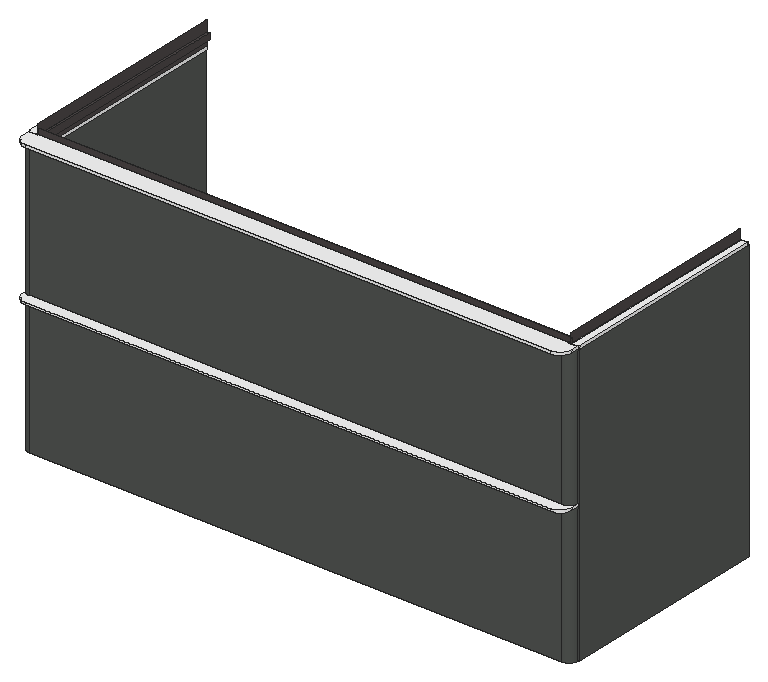
Revit family "vanity unit with 2 drawers", category Furniture, Revit 2019 (continued)
Definition of nested family "vanity unit 480_475 with 2 drawers for handrinse basin-54021700-natural oak-matt_white-400_content"
  Parameters (values of type "Vanity unit 480_475 with 2 drawers for handrinse basin-54021700-Natural Oak-MATT_WHITE-400_Content")
    Manufacturer = "Hansgrohe"
    MASTERFORMAT = "12 35 30.23 | Bathroom Casework"
    LODLEVEL = "400"
    LINA = "Vanity unit 480/475 with 2 drawers for handrinse basin-54021700-Natural Oak-MATT_WHITE-400"
    L = 480
    IFC = "Furnishing element"
    GTINCODE = "4059625455227"
    ETIM = "EC011381 | Bathroom furniture set"
    Default Elevation = 1219.2 mm
    DESIGN = "Germany"
    ContentVisible [instance] = yes
    CATALOG = "Hansgrohe"
    BIMOBJECT = "Sanitary: Compound units"
    BASENUMBER = "Vanity unit 480/475 with 2 drawers for handrinse basin"
    ARTNR = "54021700"
  Reference planes
    plane 1 "Center (Front/Back)": y = 0
    plane 2: z = 0
    plane 3 "Center (Left/Right)": x = 0
  Forms (mm)
    Extrusion 1, solid, visible <- "ContentVisible", detail levels medium+fine
      sketch origin (0, 0, 0) x (1, 0, 0) y (0, 1, 0)
        loop
          line (-240, 0) -> (-240, -452)
          arc (-240, -452) -> (-239.121, -454.121) -> (-237, -455) r 3
          line (-237, -455) -> (-224, -455) -> (-224, 0) -> (-240, 0)
      from 0 to 600
    Extrusion 2, solid, visible <- "ContentVisible", detail levels medium+fine
      sketch origin (0, 0, 2) x (1, 0, 0) y (0, 1, 0)
        loop
          line (-224, -88) -> (-224, -455) -> (224, -455) -> (224, -88) -> (-224, -88)
      from 0 to 16
    Extrusion 3, solid, visible <- "ContentVisible", detail levels medium+fine
      sketch origin (0, 0, 0) x (1, 0, 0) y (0, 1, 0)
        loop
          line (224, 0) -> (224, -455) -> (237, -455)
          arc (237, -455) -> (239.121, -454.121) -> (240, -452) r 3
          line (240, -452) -> (240, 0) -> (224, 0)
      from 0 to 600
    Extrusion 4, solid, visible <- "ContentVisible", detail levels medium+fine
      sketch origin (0, 0, 2) x (1, 0, 0) y (0, 1, 0)
        loop
          line (-224, -72) -> (-224, -88) -> (224, -88) -> (224, -72) -> (-224, -72)
      from 0 to 126
    Extrusion 5, solid, visible <- "ContentVisible", detail levels medium+fine
      sketch origin (0, 0, 2) x (1, 0, 0) y (0, 1, 0)
        loop
          arc (-240, -457) -> (-234.435, -470.435) -> (-221, -476) r 19
          line (-221, -476) -> (221, -476)
          arc (221, -476) -> (234.435, -470.435) -> (240, -457) r 19
          line (240, -457) -> (240, -455) -> (-240, -455) -> (-240, -457)
      from 0 to 295
    Extrusion 6, solid, visible <- "ContentVisible", detail levels medium+fine
      sketch origin (0, 0, 305) x (1, 0, 0) y (0, 1, 0)
        loop
          arc (-240, -457) -> (-234.435, -470.435) -> (-221, -476) r 19
          line (-221, -476) -> (221, -476)
          arc (221, -476) -> (234.435, -470.435) -> (240, -457) r 19
          line (240, -457) -> (240, -455) -> (-240, -455) -> (-240, -457)
      from 0 to 295
    Extrusion 7, solid, visible <- "ContentVisible", detail levels medium+fine
      sketch origin (0, 0, 297) x (1, 0, 0) y (0, 1, 0)
        loop
          line (-238.5, -455) -> (-238.5, -471)
          arc (-238.5, -471) -> (-231.178, -488.678) -> (-213.5, -496) r 25
          line (-213.5, -496) -> (213.5, -496)
          arc (213.5, -496) -> (231.178, -488.678) -> (238.5, -471) r 25
          line (238.5, -471) -> (238.5, -455) -> (218.5, -455) -> (218.5, -453.5) -> (-218.5, -453.5) -> (-218.5, -455) -> (-238.5, -455)
      from 0 to 5
    Extrusion 8, solid, visible <- "ContentVisible", detail levels medium+fine
      sketch origin (0, 0, 0) x (0, 0, -1) y (0, 1, 0)
        loop
          line (-297, -453.5) -> (-297, -455) -> (-267, -455) -> (-267, -453.5) -> (-297, -453.5)
      from -218.5 to 218.5
    Extrusion 9, solid, visible <- "ContentVisible", detail levels medium+fine
      sketch origin (0, 0, 600) x (1, 0, 0) y (0, 1, 0)
        loop
          line (-238.5, -455) -> (-238.5, -471)
          arc (-238.5, -471) -> (-231.178, -488.678) -> (-213.5, -496) r 25
          line (-213.5, -496) -> (213.5, -496)
          arc (213.5, -496) -> (231.178, -488.678) -> (238.5, -471) r 25
          line (238.5, -471) -> (238.5, -455) -> (218.5, -455) -> (218.5, -453.5) -> (-218.5, -453.5) -> (-218.5, -455) -> (-238.5, -455)
      from 0 to 5
    Extrusion 10, solid, visible <- "ContentVisible", detail levels medium+fine
      sketch origin (0, 0, 0) x (0, 0, -1) y (0, 1, 0)
        loop
          line (-600, -453.5) -> (-600, -455) -> (-570, -455) -> (-570, -453.5) -> (-600, -453.5)
      from -218.5 to 218.5
    Extrusion 11, solid, visible <- "ContentVisible", detail levels medium+fine
      sketch origin (0, 0, 0) x (1, 0, 0) y (0, 0, -1)
        loop
          line (-224, -566.8) -> (-224, -605) -> (-222.5, -605) -> (-222.5, -566.8) -> (-224, -566.8)
      from -455 to 0
    Extrusion 12, solid, visible <- "ContentVisible", detail levels medium+fine
      sketch origin (0, 0, 0) x (1, 0, 0) y (0, 0, -1)
        loop
          line (222.5, -566.8) -> (222.5, -605) -> (224, -605) -> (224, -566.8) -> (222.5, -566.8)
      from -455 to 0
    Extrusion 13, solid, visible <- "ContentVisible", detail levels medium+fine
      sketch origin (0, 0, 600) x (1, 0, 0) y (0, 1, 0)
        loop
          line (-240, -3) -> (-240, -452)
          arc (-240, -452) -> (-239.121, -454.121) -> (-237, -455) r 3
          line (-237, -455) -> (-224, -455) -> (-224, 0) -> (-237, 0)
          arc (-237, 0) -> (-239.121, -0.879) -> (-240, -3) r 3
      from 0 to 5
    Extrusion 14, solid, visible <- "ContentVisible", detail levels medium+fine
      sketch origin (0, 0, 600) x (1, 0, 0) y (0, 1, 0)
        loop
          line (224, 0) -> (224, -455) -> (237, -455)
          arc (237, -455) -> (239.121, -454.121) -> (240, -452) r 3
          line (240, -452) -> (240, -3)
          arc (240, -3) -> (239.121, -0.879) -> (237, 0) r 3
          line (237, 0) -> (224, 0)
      from 0 to 5
    Extrusion 15, solid, visible <- "ContentVisible", detail levels medium+fine
      sketch origin (0, 0, 0) x (1, 0, 0) y (0, 0, -1)
        loop
          line (-222.5, -575.3) -> (-222.5, -624.5) -> (-221, -624.5) -> (-221, -602.8) -> (-216.4, -602.8) -> (-216.4, -588.3) -> (-221, -588.3) -> (-221, -575.3) -> (-222.5, -575.3)
      from -453.5 to 0
    Extrusion 16, solid, visible <- "ContentVisible", detail levels medium+fine
      sketch origin (0, 0, 0) x (1, 0, 0) y (0, 0, -1)
        loop
          line (216.4, -588.3) -> (216.4, -602.8) -> (221, -602.8) -> (221, -624.5) -> (222.5, -624.5) -> (222.5, -575.3) -> (221, -575.3) -> (221, -588.3) -> (216.4, -588.3)
      from -453.5 to 0
    Extrusion 17, solid, visible <- "ContentVisible", detail levels medium+fine
      sketch origin (0, 0, 0) x (0, 0, -1) y (0, 1, 0)
        loop
          line (-616, -453.5) -> (-567, -453.5) -> (-567, -452) -> (-588.5, -452) -> (-588.5, -447.4) -> (-603, -447.4) -> (-603, -452) -> (-616, -452) -> (-616, -453.5)
      from -222.5 to 222.5
    Extrusion 18, solid, visible <- "ContentVisible", detail levels coarse
      sketch origin (0, -248, 0) x (1, 0, 0) y (0, 1, 0)
        loop
          line (-240, -248) -> (240, -248) -> (240, 248) -> (-240, 248) -> (-240, -248)
      from 0 to 624.5
  Dimensions and locks
    aligned and locked: level to plane 2
Definition of nested family "vanity unit 480_475 with 2 drawers for handrinse basin-54022000-dark walnut-chrome-200_content"
  Parameters (values of type "Vanity unit 480_475 with 2 drawers for handrinse basin-54022000-Dark Walnut-CHROME-200_Content")
    etim7_EC011381 = "EC011381"
    WEIGHT = "25.3"
    UNSPSC = "56 | Furniture and Furnishings"
    UNIFORMATII = "E2010 | Fixed Furnishings"
    UNICLASS_2015_CODE = "40_30_78_05"
    UNICLASS2015 = "Pr_40_30_78_05 | Bathroom furniture"
    SURFACE = "CHROME"
    REGIONSET = "Worldwide"
    PRODUCTURL = "https://pro.hansgrohe.com/articledetail--54022000"
    PRODUCTGROUP = "vanity unit"
    PRODUCTFAMILY = "Xelu Q"
    PERMALINK = "54022XXX"
    OMNICLASS = "23-21 19 15 33 13 | Residential Bathroom Specialty Casework"
    OBJECTTYPE = "Object (single object)"
    OBERFLAECHE = "Dark Walnut"
    NN = "Vanity Unit with 2 Drawers"
    NBSYN = "$BASENUMBER.-$ARTNR.-$OBERFLAECHE.-$SURFACE.-$LODLEVEL."
    NB = "Vanity unit 480/475 with 2 drawers for handrinse basin-54022000-Dark Walnut-CHROME-200"
    NAME = "Xelu Q Vanity unit Dark Walnut 480/475 with 2 drawers for handrinse basin"
    Model = "Vanity unit 480/475 with 2 drawers for handrinse basin-54022000-Dark Walnut-CHROME-200"
    Manufacturer = "Hansgrohe"
    MASTERFORMAT = "12 35 30.23 | Bathroom Casework"
    LODLEVEL = "200"
    LINA = "Vanity unit 480/475 with 2 drawers for handrinse basin-54022000-Dark Walnut-CHROME-200"
    L = 480
    IFC = "Furnishing element"
    GTINCODE = "4059625455197"
    ETIM = "EC011381 | Bathroom furniture set"
    Default Elevation = 1219.2 mm
    DESIGN = "Germany"
    ContentVisible [instance] = yes
    CATALOG = "Hansgrohe"
    BIMOBJECT = "Sanitary: Compound units"
    BASENUMBER = "Vanity unit 480/475 with 2 drawers for handrinse basin"
    ARTNR = "54022000"
  Reference planes
    plane 1 "Center (Front/Back)": y = 0
    plane 2: z = 0
    plane 3 "Center (Left/Right)": x = 0
  Forms (mm)
    Extrusion 1, solid, visible <- "ContentVisible", detail levels medium+fine
      sketch origin (0, 0, 0) x (1, 0, 0) y (0, 1, 0)
        loop
          line (-240, 0) -> (-240, -476) -> (240, -476) -> (240, 0) -> (224, 0) -> (224, -72) -> (-224, -72) -> (-224, 0) -> (-240, 0)
      from 0 to 600
    Extrusion 2, solid, visible <- "ContentVisible", detail levels medium+fine
      sketch origin (0, 0, 297) x (1, 0, 0) y (0, 1, 0)
        loop
          line (-238.5, -453.5) -> (-238.5, -496) -> (238.5, -496) -> (238.5, -453.5) -> (-238.5, -453.5)
      from 0 to 5
    Extrusion 3, solid, visible <- "ContentVisible", detail levels medium+fine
      sketch origin (0, 0, 600) x (1, 0, 0) y (0, 1, 0)
        loop
          line (-238.5, -453.5) -> (-238.5, -496) -> (238.5, -496) -> (238.5, -453.5) -> (-238.5, -453.5)
      from 0 to 5
    Extrusion 4, solid, visible <- "ContentVisible", detail levels medium+fine
      sketch origin (0, 0, 0) x (1, 0, 0) y (0, 0, -1)
        loop
          line (-224, -566.8) -> (-224, -605) -> (-222.5, -605) -> (-222.5, -566.8) -> (-224, -566.8)
      from -455 to 0
    Extrusion 5, solid, visible <- "ContentVisible", detail levels medium+fine
      sketch origin (0, 0, 0) x (1, 0, 0) y (0, 0, -1)
        loop
          line (222.5, -566.8) -> (222.5, -605) -> (224, -605) -> (224, -566.8) -> (222.5, -566.8)
      from -455 to 0
    Extrusion 6, solid, visible <- "ContentVisible", detail levels medium+fine
      sketch origin (0, 0, 600) x (1, 0, 0) y (0, 1, 0)
        loop
          line (-240, 0) -> (-240, -455) -> (-224, -455) -> (-224, 0) -> (-240, 0)
      from 0 to 5
    Extrusion 7, solid, visible <- "ContentVisible", detail levels medium+fine
      sketch origin (0, 0, 600) x (1, 0, 0) y (0, 1, 0)
        loop
          line (224, 0) -> (224, -455) -> (240, -455) -> (240, 0) -> (224, 0)
      from 0 to 5
    Extrusion 8, solid, visible <- "ContentVisible", detail levels medium+fine
      sketch origin (0, 0, 0) x (1, 0, 0) y (0, 0, -1)
        loop
          line (-222.5, -575.3) -> (-222.5, -624.5) -> (-216.4, -624.5) -> (-216.4, -575.3) -> (-222.5, -575.3)
      from -453.5 to 0
    Extrusion 9, solid, visible <- "ContentVisible", detail levels medium+fine
      sketch origin (0, 0, 0) x (1, 0, 0) y (0, 0, -1)
        loop
          line (216.4, -575.3) -> (216.4, -624.5) -> (222.5, -624.5) -> (222.5, -575.3) -> (216.4, -575.3)
      from -453.5 to 0
    Extrusion 10, solid, visible <- "ContentVisible", detail levels medium+fine
      sketch origin (0, 0, 0) x (0, 0, -1) y (0, 1, 0)
        loop
          line (-616, -453.5) -> (-567, -453.5) -> (-567, -447.4) -> (-616, -447.4) -> (-616, -453.5)
      from -222.5 to 222.5
    Extrusion 11, solid, visible <- "ContentVisible", detail levels coarse
      sketch origin (0, -248, 0) x (1, 0, 0) y (0, 1, 0)
        loop
          line (-240, -248) -> (240, -248) -> (240, 248) -> (-240, 248) -> (-240, -248)
      from 0 to 624.5
  Dimensions and locks
    aligned and locked: level to plane 2
Definition of nested family "vanity unit 480_475 with 2 drawers for handrinse basin-54022000-dark walnut-chrome-400_content"
  Parameters (values of type "Vanity unit 480_475 with 2 drawers for handrinse basin-54022000-Dark Walnut-CHROME-400_Content")
    etim7_EC011381 = "EC011381"
    WEIGHT = "25.3"
    UNSPSC = "56 | Furniture and Furnishings"
    UNIFORMATII = "E2010 | Fixed Furnishings"
    UNICLASS_2015_CODE = "40_30_78_05"
    UNICLASS2015 = "Pr_40_30_78_05 | Bathroom furniture"
    SURFACE = "CHROME"
    REGIONSET = "Worldwide"
    PRODUCTURL = "https://pro.hansgrohe.com/articledetail--54022000"
    PRODUCTGROUP = "vanity unit"
    PRODUCTFAMILY = "Xelu Q"
    PERMALINK = "54022XXX"
    OMNICLASS = "23-21 19 15 33 13 | Residential Bathroom Specialty Casework"
    OBJECTTYPE = "Object (single object)"
    OBERFLAECHE = "Dark Walnut"
    NN = "Vanity Unit with 2 Drawers"
    NBSYN = "$BASENUMBER.-$ARTNR.-$OBERFLAECHE.-$SURFACE.-$LODLEVEL."
    NB = "Vanity unit 480/475 with 2 drawers for handrinse basin-54022000-Dark Walnut-CHROME-400"
    NAME = "Xelu Q Vanity unit Dark Walnut 480/475 with 2 drawers for handrinse basin"
    Model = "Vanity unit 480/475 with 2 drawers for handrinse basin-54022000-Dark Walnut-CHROME-400"
    Manufacturer = "Hansgrohe"
    MASTERFORMAT = "12 35 30.23 | Bathroom Casework"
    LODLEVEL = "400"
    LINA = "Vanity unit 480/475 with 2 drawers for handrinse basin-54022000-Dark Walnut-CHROME-400"
    L = 480
    IFC = "Furnishing element"
    GTINCODE = "4059625455197"
    ETIM = "EC011381 | Bathroom furniture set"
    Default Elevation = 1219.2 mm
    DESIGN = "Germany"
    ContentVisible [instance] = yes
    CATALOG = "Hansgrohe"
    BIMOBJECT = "Sanitary: Compound units"
    BASENUMBER = "Vanity unit 480/475 with 2 drawers for handrinse basin"
    ARTNR = "54022000"
  Reference planes
    plane 1 "Center (Front/Back)": y = 0
    plane 2: z = 0
    plane 3 "Center (Left/Right)": x = 0
  Forms (mm)
    Extrusion 1, solid, visible <- "ContentVisible", detail levels medium+fine
      sketch origin (0, 0, 0) x (1, 0, 0) y (0, 1, 0)
        loop
          line (-240, 0) -> (-240, -452)
          arc (-240, -452) -> (-239.121, -454.121) -> (-237, -455) r 3
          line (-237, -455) -> (-224, -455) -> (-224, 0) -> (-240, 0)
      from 0 to 600
    Extrusion 2, solid, visible <- "ContentVisible", detail levels medium+fine
      sketch origin (0, 0, 2) x (1, 0, 0) y (0, 1, 0)
        loop
          line (-224, -88) -> (-224, -455) -> (224, -455) -> (224, -88) -> (-224, -88)
      from 0 to 16
    Extrusion 3, solid, visible <- "ContentVisible", detail levels medium+fine
      sketch origin (0, 0, 0) x (1, 0, 0) y (0, 1, 0)
        loop
          line (224, 0) -> (224, -455) -> (237, -455)
          arc (237, -455) -> (239.121, -454.121) -> (240, -452) r 3
          line (240, -452) -> (240, 0) -> (224, 0)
      from 0 to 600
    Extrusion 4, solid, visible <- "ContentVisible", detail levels medium+fine
      sketch origin (0, 0, 2) x (1, 0, 0) y (0, 1, 0)
        loop
          line (-224, -72) -> (-224, -88) -> (224, -88) -> (224, -72) -> (-224, -72)
      from 0 to 126
    Extrusion 5, solid, visible <- "ContentVisible", detail levels medium+fine
      sketch origin (0, 0, 2) x (1, 0, 0) y (0, 1, 0)
        loop
          arc (-240, -457) -> (-234.435, -470.435) -> (-221, -476) r 19
          line (-221, -476) -> (221, -476)
          arc (221, -476) -> (234.435, -470.435) -> (240, -457) r 19
          line (240, -457) -> (240, -455) -> (-240, -455) -> (-240, -457)
      from 0 to 295
    Extrusion 6, solid, visible <- "ContentVisible", detail levels medium+fine
      sketch origin (0, 0, 305) x (1, 0, 0) y (0, 1, 0)
        loop
          arc (-240, -457) -> (-234.435, -470.435) -> (-221, -476) r 19
          line (-221, -476) -> (221, -476)
          arc (221, -476) -> (234.435, -470.435) -> (240, -457) r 19
          line (240, -457) -> (240, -455) -> (-240, -455) -> (-240, -457)
      from 0 to 295
    Extrusion 7, solid, visible <- "ContentVisible", detail levels medium+fine
      sketch origin (0, 0, 297) x (1, 0, 0) y (0, 1, 0)
        loop
          line (-238.5, -455) -> (-238.5, -471)
          arc (-238.5, -471) -> (-231.178, -488.678) -> (-213.5, -496) r 25
          line (-213.5, -496) -> (213.5, -496)
          arc (213.5, -496) -> (231.178, -488.678) -> (238.5, -471) r 25
          line (238.5, -471) -> (238.5, -455) -> (218.5, -455) -> (218.5, -453.5) -> (-218.5, -453.5) -> (-218.5, -455) -> (-238.5, -455)
      from 0 to 5
    Extrusion 8, solid, visible <- "ContentVisible", detail levels medium+fine
      sketch origin (0, 0, 0) x (0, 0, -1) y (0, 1, 0)
        loop
          line (-297, -453.5) -> (-297, -455) -> (-267, -455) -> (-267, -453.5) -> (-297, -453.5)
      from -218.5 to 218.5
    Extrusion 9, solid, visible <- "ContentVisible", detail levels medium+fine
      sketch origin (0, 0, 600) x (1, 0, 0) y (0, 1, 0)
        loop
          line (-238.5, -455) -> (-238.5, -471)
          arc (-238.5, -471) -> (-231.178, -488.678) -> (-213.5, -496) r 25
          line (-213.5, -496) -> (213.5, -496)
          arc (213.5, -496) -> (231.178, -488.678) -> (238.5, -471) r 25
          line (238.5, -471) -> (238.5, -455) -> (218.5, -455) -> (218.5, -453.5) -> (-218.5, -453.5) -> (-218.5, -455) -> (-238.5, -455)
      from 0 to 5
    Extrusion 10, solid, visible <- "ContentVisible", detail levels medium+fine
      sketch origin (0, 0, 0) x (0, 0, -1) y (0, 1, 0)
        loop
          line (-600, -453.5) -> (-600, -455) -> (-570, -455) -> (-570, -453.5) -> (-600, -453.5)
      from -218.5 to 218.5
    Extrusion 11, solid, visible <- "ContentVisible", detail levels medium+fine
      sketch origin (0, 0, 0) x (1, 0, 0) y (0, 0, -1)
        loop
          line (-224, -566.8) -> (-224, -605) -> (-222.5, -605) -> (-222.5, -566.8) -> (-224, -566.8)
      from -455 to 0
    Extrusion 12, solid, visible <- "ContentVisible", detail levels medium+fine
      sketch origin (0, 0, 0) x (1, 0, 0) y (0, 0, -1)
        loop
          line (222.5, -566.8) -> (222.5, -605) -> (224, -605) -> (224, -566.8) -> (222.5, -566.8)
      from -455 to 0
    Extrusion 13, solid, visible <- "ContentVisible", detail levels medium+fine
      sketch origin (0, 0, 600) x (1, 0, 0) y (0, 1, 0)
        loop
          line (-240, -3) -> (-240, -452)
          arc (-240, -452) -> (-239.121, -454.121) -> (-237, -455) r 3
          line (-237, -455) -> (-224, -455) -> (-224, 0) -> (-237, 0)
          arc (-237, 0) -> (-239.121, -0.879) -> (-240, -3) r 3
      from 0 to 5
    Extrusion 14, solid, visible <- "ContentVisible", detail levels medium+fine
      sketch origin (0, 0, 600) x (1, 0, 0) y (0, 1, 0)
        loop
          line (224, 0) -> (224, -455) -> (237, -455)
          arc (237, -455) -> (239.121, -454.121) -> (240, -452) r 3
          line (240, -452) -> (240, -3)
          arc (240, -3) -> (239.121, -0.879) -> (237, 0) r 3
          line (237, 0) -> (224, 0)
      from 0 to 5
    Extrusion 15, solid, visible <- "ContentVisible", detail levels medium+fine
      sketch origin (0, 0, 0) x (1, 0, 0) y (0, 0, -1)
        loop
          line (-222.5, -575.3) -> (-222.5, -624.5) -> (-221, -624.5) -> (-221, -602.8) -> (-216.4, -602.8) -> (-216.4, -588.3) -> (-221, -588.3) -> (-221, -575.3) -> (-222.5, -575.3)
      from -453.5 to 0
    Extrusion 16, solid, visible <- "ContentVisible", detail levels medium+fine
      sketch origin (0, 0, 0) x (1, 0, 0) y (0, 0, -1)
        loop
          line (216.4, -588.3) -> (216.4, -602.8) -> (221, -602.8) -> (221, -624.5) -> (222.5, -624.5) -> (222.5, -575.3) -> (221, -575.3) -> (221, -588.3) -> (216.4, -588.3)
      from -453.5 to 0
    Extrusion 17, solid, visible <- "ContentVisible", detail levels medium+fine
      sketch origin (0, 0, 0) x (0, 0, -1) y (0, 1, 0)
        loop
          line (-616, -453.5) -> (-567, -453.5) -> (-567, -452) -> (-588.5, -452) -> (-588.5, -447.4) -> (-603, -447.4) -> (-603, -452) -> (-616, -452) -> (-616, -453.5)
      from -222.5 to 222.5
    Extrusion 18, solid, visible <- "ContentVisible", detail levels coarse
      sketch origin (0, -248, 0) x (1, 0, 0) y (0, 1, 0)
        loop
          line (-240, -248) -> (240, -248) -> (240, 248) -> (-240, 248) -> (-240, -248)
      from 0 to 624.5
  Dimensions and locks
    aligned and locked: level to plane 2
Definition of nested family "vanity unit 480_475 with 2 drawers for handrinse basin-54022670-dark walnut-matt_black-200_content"
  Parameters (values of type "Vanity unit 480_475 with 2 drawers for handrinse basin-54022670-Dark Walnut-MATT_BLACK-200_Content")
    etim7_EC011381 = "EC011381"
    WEIGHT = "25.3"
    UNSPSC = "56 | Furniture and Furnishings"
    UNIFORMATII = "E2010 | Fixed Furnishings"
    UNICLASS_2015_CODE = "40_30_78_05"
    UNICLASS2015 = "Pr_40_30_78_05 | Bathroom furniture"
    SURFACE = "MATT_BLACK"
    REGIONSET = "Worldwide"
    PRODUCTURL = "https://pro.hansgrohe.com/articledetail--54022000"
    PRODUCTGROUP = "vanity unit"
    PRODUCTFAMILY = "Xelu Q"
    PERMALINK = "54022XXX"
    OMNICLASS = "23-21 19 15 33 13 | Residential Bathroom Specialty Casework"
    OBJECTTYPE = "Object (single object)"
    OBERFLAECHE = "Dark Walnut"
    NN = "Vanity Unit with 2 Drawers"
    NBSYN = "$BASENUMBER.-$ARTNR.-$OBERFLAECHE.-$SURFACE.-$LODLEVEL."
    NB = "Vanity unit 480/475 with 2 drawers for handrinse basin-54022670-Dark Walnut-MATT_BLACK-200"
    NAME = "Xelu Q Vanity unit Dark Walnut 480/475 with 2 drawers for handrinse basin"
    Model = "Vanity unit 480/475 with 2 drawers for handrinse basin-54022670-Dark Walnut-MATT_BLACK-200"
    Manufacturer = "Hansgrohe"
    MASTERFORMAT = "12 35 30.23 | Bathroom Casework"
    LODLEVEL = "200"
    LINA = "Vanity unit 480/475 with 2 drawers for handrinse basin-54022670-Dark Walnut-MATT_BLACK-200"
    L = 480
    IFC = "Furnishing element"
    GTINCODE = "4059625455197"
    ETIM = "EC011381 | Bathroom furniture set"
    Default Elevation = 1219.2 mm
    DESIGN = "Germany"
    ContentVisible [instance] = yes
    CATALOG = "Hansgrohe"
    BIMOBJECT = "Sanitary: Compound units"
    BASENUMBER = "Vanity unit 480/475 with 2 drawers for handrinse basin"
    ARTNR = "54022670"
  Reference planes
    plane 1 "Center (Front/Back)": y = 0
    plane 2: z = 0
    plane 3 "Center (Left/Right)": x = 0
  Forms (mm)
    Extrusion 1, solid, visible <- "ContentVisible", detail levels medium+fine
      sketch origin (0, 0, 0) x (1, 0, 0) y (0, 1, 0)
        loop
          line (-240, 0) -> (-240, -476) -> (240, -476) -> (240, 0) -> (224, 0) -> (224, -72) -> (-224, -72) -> (-224, 0) -> (-240, 0)
      from 0 to 600
    Extrusion 2, solid, visible <- "ContentVisible", detail levels medium+fine
      sketch origin (0, 0, 297) x (1, 0, 0) y (0, 1, 0)
        loop
          line (-238.5, -453.5) -> (-238.5, -496) -> (238.5, -496) -> (238.5, -453.5) -> (-238.5, -453.5)
      from 0 to 5
    Extrusion 3, solid, visible <- "ContentVisible", detail levels medium+fine
      sketch origin (0, 0, 600) x (1, 0, 0) y (0, 1, 0)
        loop
          line (-238.5, -453.5) -> (-238.5, -496) -> (238.5, -496) -> (238.5, -453.5) -> (-238.5, -453.5)
      from 0 to 5
    Extrusion 4, solid, visible <- "ContentVisible", detail levels medium+fine
      sketch origin (0, 0, 0) x (1, 0, 0) y (0, 0, -1)
        loop
          line (-224, -566.8) -> (-224, -605) -> (-222.5, -605) -> (-222.5, -566.8) -> (-224, -566.8)
      from -455 to 0
    Extrusion 5, solid, visible <- "ContentVisible", detail levels medium+fine
      sketch origin (0, 0, 0) x (1, 0, 0) y (0, 0, -1)
        loop
          line (222.5, -566.8) -> (222.5, -605) -> (224, -605) -> (224, -566.8) -> (222.5, -566.8)
      from -455 to 0
    Extrusion 6, solid, visible <- "ContentVisible", detail levels medium+fine
      sketch origin (0, 0, 600) x (1, 0, 0) y (0, 1, 0)
        loop
          line (-240, 0) -> (-240, -455) -> (-224, -455) -> (-224, 0) -> (-240, 0)
      from 0 to 5
    Extrusion 7, solid, visible <- "ContentVisible", detail levels medium+fine
      sketch origin (0, 0, 600) x (1, 0, 0) y (0, 1, 0)
        loop
          line (224, 0) -> (224, -455) -> (240, -455) -> (240, 0) -> (224, 0)
      from 0 to 5
    Extrusion 8, solid, visible <- "ContentVisible", detail levels medium+fine
      sketch origin (0, 0, 0) x (1, 0, 0) y (0, 0, -1)
        loop
          line (-222.5, -575.3) -> (-222.5, -624.5) -> (-216.4, -624.5) -> (-216.4, -575.3) -> (-222.5, -575.3)
      from -453.5 to 0
    Extrusion 9, solid, visible <- "ContentVisible", detail levels medium+fine
      sketch origin (0, 0, 0) x (1, 0, 0) y (0, 0, -1)
        loop
          line (216.4, -575.3) -> (216.4, -624.5) -> (222.5, -624.5) -> (222.5, -575.3) -> (216.4, -575.3)
      from -453.5 to 0
    Extrusion 10, solid, visible <- "ContentVisible", detail levels medium+fine
      sketch origin (0, 0, 0) x (0, 0, -1) y (0, 1, 0)
        loop
          line (-616, -453.5) -> (-567, -453.5) -> (-567, -447.4) -> (-616, -447.4) -> (-616, -453.5)
      from -222.5 to 222.5
    Extrusion 11, solid, visible <- "ContentVisible", detail levels coarse
      sketch origin (0, -248, 0) x (1, 0, 0) y (0, 1, 0)
        loop
          line (-240, -248) -> (240, -248) -> (240, 248) -> (-240, 248) -> (-240, -248)
      from 0 to 624.5
  Dimensions and locks
    aligned and locked: level to plane 2
Definition of nested family "vanity unit 480_475 with 2 drawers for handrinse basin-54022670-dark walnut-matt_black-400_content"
  Parameters (values of type "Vanity unit 480_475 with 2 drawers for handrinse basin-54022670-Dark Walnut-MATT_BLACK-400_Content")
    etim7_EC011381 = "EC011381"
    WEIGHT = "25.3"
    UNSPSC = "56 | Furniture and Furnishings"
    UNIFORMATII = "E2010 | Fixed Furnishings"
    UNICLASS_2015_CODE = "40_30_78_05"
    UNICLASS2015 = "Pr_40_30_78_05 | Bathroom furniture"
    SURFACE = "MATT_BLACK"
    REGIONSET = "Worldwide"
    PRODUCTURL = "https://pro.hansgrohe.com/articledetail--54022000"
    PRODUCTGROUP = "vanity unit"
    PRODUCTFAMILY = "Xelu Q"
    PERMALINK = "54022XXX"
    OMNICLASS = "23-21 19 15 33 13 | Residential Bathroom Specialty Casework"
    OBJECTTYPE = "Object (single object)"
    OBERFLAECHE = "Dark Walnut"
    NN = "Vanity Unit with 2 Drawers"
    NBSYN = "$BASENUMBER.-$ARTNR.-$OBERFLAECHE.-$SURFACE.-$LODLEVEL."
    NB = "Vanity unit 480/475 with 2 drawers for handrinse basin-54022670-Dark Walnut-MATT_BLACK-400"
    NAME = "Xelu Q Vanity unit Dark Walnut 480/475 with 2 drawers for handrinse basin"
    Model = "Vanity unit 480/475 with 2 drawers for handrinse basin-54022670-Dark Walnut-MATT_BLACK-400"
    Manufacturer = "Hansgrohe"
    MASTERFORMAT = "12 35 30.23 | Bathroom Casework"
    LODLEVEL = "400"
    LINA = "Vanity unit 480/475 with 2 drawers for handrinse basin-54022670-Dark Walnut-MATT_BLACK-400"
    L = 480
    IFC = "Furnishing element"
    GTINCODE = "4059625455197"
    ETIM = "EC011381 | Bathroom furniture set"
    Default Elevation = 1219.2 mm
    DESIGN = "Germany"
    ContentVisible [instance] = yes
    CATALOG = "Hansgrohe"
    BIMOBJECT = "Sanitary: Compound units"
    BASENUMBER = "Vanity unit 480/475 with 2 drawers for handrinse basin"
    ARTNR = "54022670"
  Reference planes
    plane 1 "Center (Front/Back)": y = 0
    plane 2: z = 0
    plane 3 "Center (Left/Right)": x = 0
  Forms (mm)
    Extrusion 1, solid, visible <- "ContentVisible", detail levels medium+fine
      sketch origin (0, 0, 0) x (1, 0, 0) y (0, 1, 0)
        loop
          line (-240, 0) -> (-240, -452)
          arc (-240, -452) -> (-239.121, -454.121) -> (-237, -455) r 3
          line (-237, -455) -> (-224, -455) -> (-224, 0) -> (-240, 0)
      from 0 to 600
    Extrusion 2, solid, visible <- "ContentVisible", detail levels medium+fine
      sketch origin (0, 0, 2) x (1, 0, 0) y (0, 1, 0)
        loop
          line (-224, -88) -> (-224, -455) -> (224, -455) -> (224, -88) -> (-224, -88)
      from 0 to 16
    Extrusion 3, solid, visible <- "ContentVisible", detail levels medium+fine
      sketch origin (0, 0, 0) x (1, 0, 0) y (0, 1, 0)
        loop
          line (224, 0) -> (224, -455) -> (237, -455)
          arc (237, -455) -> (239.121, -454.121) -> (240, -452) r 3
          line (240, -452) -> (240, 0) -> (224, 0)
      from 0 to 600
    Extrusion 4, solid, visible <- "ContentVisible", detail levels medium+fine
      sketch origin (0, 0, 2) x (1, 0, 0) y (0, 1, 0)
        loop
          line (-224, -72) -> (-224, -88) -> (224, -88) -> (224, -72) -> (-224, -72)
      from 0 to 126
    Extrusion 5, solid, visible <- "ContentVisible", detail levels medium+fine
      sketch origin (0, 0, 2) x (1, 0, 0) y (0, 1, 0)
        loop
          arc (-240, -457) -> (-234.435, -470.435) -> (-221, -476) r 19
          line (-221, -476) -> (221, -476)
          arc (221, -476) -> (234.435, -470.435) -> (240, -457) r 19
          line (240, -457) -> (240, -455) -> (-240, -455) -> (-240, -457)
      from 0 to 295
    Extrusion 6, solid, visible <- "ContentVisible", detail levels medium+fine
      sketch origin (0, 0, 305) x (1, 0, 0) y (0, 1, 0)
        loop
          arc (-240, -457) -> (-234.435, -470.435) -> (-221, -476) r 19
          line (-221, -476) -> (221, -476)
          arc (221, -476) -> (234.435, -470.435) -> (240, -457) r 19
          line (240, -457) -> (240, -455) -> (-240, -455) -> (-240, -457)
      from 0 to 295
    Extrusion 7, solid, visible <- "ContentVisible", detail levels medium+fine
      sketch origin (0, 0, 297) x (1, 0, 0) y (0, 1, 0)
        loop
          line (-238.5, -455) -> (-238.5, -471)
          arc (-238.5, -471) -> (-231.178, -488.678) -> (-213.5, -496) r 25
          line (-213.5, -496) -> (213.5, -496)
          arc (213.5, -496) -> (231.178, -488.678) -> (238.5, -471) r 25
          line (238.5, -471) -> (238.5, -455) -> (218.5, -455) -> (218.5, -453.5) -> (-218.5, -453.5) -> (-218.5, -455) -> (-238.5, -455)
      from 0 to 5
    Extrusion 8, solid, visible <- "ContentVisible", detail levels medium+fine
      sketch origin (0, 0, 0) x (0, 0, -1) y (0, 1, 0)
        loop
          line (-297, -453.5) -> (-297, -455) -> (-267, -455) -> (-267, -453.5) -> (-297, -453.5)
      from -218.5 to 218.5
    Extrusion 9, solid, visible <- "ContentVisible", detail levels medium+fine
      sketch origin (0, 0, 600) x (1, 0, 0) y (0, 1, 0)
        loop
          line (-238.5, -455) -> (-238.5, -471)
          arc (-238.5, -471) -> (-231.178, -488.678) -> (-213.5, -496) r 25
          line (-213.5, -496) -> (213.5, -496)
          arc (213.5, -496) -> (231.178, -488.678) -> (238.5, -471) r 25
          line (238.5, -471) -> (238.5, -455) -> (218.5, -455) -> (218.5, -453.5) -> (-218.5, -453.5) -> (-218.5, -455) -> (-238.5, -455)
      from 0 to 5
    Extrusion 10, solid, visible <- "ContentVisible", detail levels medium+fine
      sketch origin (0, 0, 0) x (0, 0, -1) y (0, 1, 0)
        loop
          line (-600, -453.5) -> (-600, -455) -> (-570, -455) -> (-570, -453.5) -> (-600, -453.5)
      from -218.5 to 218.5
    Extrusion 11, solid, visible <- "ContentVisible", detail levels medium+fine
      sketch origin (0, 0, 0) x (1, 0, 0) y (0, 0, -1)
        loop
          line (-224, -566.8) -> (-224, -605) -> (-222.5, -605) -> (-222.5, -566.8) -> (-224, -566.8)
      from -455 to 0
    Extrusion 12, solid, visible <- "ContentVisible", detail levels medium+fine
      sketch origin (0, 0, 0) x (1, 0, 0) y (0, 0, -1)
        loop
          line (222.5, -566.8) -> (222.5, -605) -> (224, -605) -> (224, -566.8) -> (222.5, -566.8)
      from -455 to 0
    Extrusion 13, solid, visible <- "ContentVisible", detail levels medium+fine
      sketch origin (0, 0, 600) x (1, 0, 0) y (0, 1, 0)
        loop
          line (-240, -3) -> (-240, -452)
          arc (-240, -452) -> (-239.121, -454.121) -> (-237, -455) r 3
          line (-237, -455) -> (-224, -455) -> (-224, 0) -> (-237, 0)
          arc (-237, 0) -> (-239.121, -0.879) -> (-240, -3) r 3
      from 0 to 5
    Extrusion 14, solid, visible <- "ContentVisible", detail levels medium+fine
      sketch origin (0, 0, 600) x (1, 0, 0) y (0, 1, 0)
        loop
          line (224, 0) -> (224, -455) -> (237, -455)
          arc (237, -455) -> (239.121, -454.121) -> (240, -452) r 3
          line (240, -452) -> (240, -3)
          arc (240, -3) -> (239.121, -0.879) -> (237, 0) r 3
          line (237, 0) -> (224, 0)
      from 0 to 5
    Extrusion 15, solid, visible <- "ContentVisible", detail levels medium+fine
      sketch origin (0, 0, 0) x (1, 0, 0) y (0, 0, -1)
        loop
          line (-222.5, -575.3) -> (-222.5, -624.5) -> (-221, -624.5) -> (-221, -602.8) -> (-216.4, -602.8) -> (-216.4, -588.3) -> (-221, -588.3) -> (-221, -575.3) -> (-222.5, -575.3)
      from -453.5 to 0
    Extrusion 16, solid, visible <- "ContentVisible", detail levels medium+fine
      sketch origin (0, 0, 0) x (1, 0, 0) y (0, 0, -1)
        loop
          line (216.4, -588.3) -> (216.4, -602.8) -> (221, -602.8) -> (221, -624.5) -> (222.5, -624.5) -> (222.5, -575.3) -> (221, -575.3) -> (221, -588.3) -> (216.4, -588.3)
      from -453.5 to 0
    Extrusion 17, solid, visible <- "ContentVisible", detail levels medium+fine
      sketch origin (0, 0, 0) x (0, 0, -1) y (0, 1, 0)
        loop
          line (-616, -453.5) -> (-567, -453.5) -> (-567, -452) -> (-588.5, -452) -> (-588.5, -447.4) -> (-603, -447.4) -> (-603, -452) -> (-616, -452) -> (-616, -453.5)
      from -222.5 to 222.5
    Extrusion 18, solid, visible <- "ContentVisible", detail levels coarse
      sketch origin (0, -248, 0) x (1, 0, 0) y (0, 1, 0)
        loop
          line (-240, -248) -> (240, -248) -> (240, 248) -> (-240, 248) -> (-240, -248)
      from 0 to 624.5
  Dimensions and locks
    aligned and locked: level to plane 2
Definition of nested family "vanity unit 480_475 with 2 drawers for handrinse basin-54022700-dark walnut-matt_white-200_content"
  Parameters (values of type "Vanity unit 480_475 with 2 drawers for handrinse basin-54022700-Dark Walnut-MATT_WHITE-200_Content")
    etim7_EC011381 = "EC011381"
    WEIGHT = "25.3"
    UNSPSC = "56 | Furniture and Furnishings"
    UNIFORMATII = "E2010 | Fixed Furnishings"
    UNICLASS_2015_CODE = "40_30_78_05"
    UNICLASS2015 = "Pr_40_30_78_05 | Bathroom furniture"
    SURFACE = "MATT_WHITE"
    REGIONSET = "Worldwide"
    PRODUCTURL = "https://pro.hansgrohe.com/articledetail--54022000"
    PRODUCTGROUP = "vanity unit"
    PRODUCTFAMILY = "Xelu Q"
    PERMALINK = "54022XXX"
    OMNICLASS = "23-21 19 15 33 13 | Residential Bathroom Specialty Casework"
    OBJECTTYPE = "Object (single object)"
    OBERFLAECHE = "Dark Walnut"
    NN = "Vanity Unit with 2 Drawers"
    NBSYN = "$BASENUMBER.-$ARTNR.-$OBERFLAECHE.-$SURFACE.-$LODLEVEL."
    NB = "Vanity unit 480/475 with 2 drawers for handrinse basin-54022700-Dark Walnut-MATT_WHITE-200"
    NAME = "Xelu Q Vanity unit Dark Walnut 480/475 with 2 drawers for handrinse basin"
    Model = "Vanity unit 480/475 with 2 drawers for handrinse basin-54022700-Dark Walnut-MATT_WHITE-200"
    Manufacturer = "Hansgrohe"
    MASTERFORMAT = "12 35 30.23 | Bathroom Casework"
    LODLEVEL = "200"
    LINA = "Vanity unit 480/475 with 2 drawers for handrinse basin-54022700-Dark Walnut-MATT_WHITE-200"
    L = 480
    IFC = "Furnishing element"
    GTINCODE = "4059625455197"
    ETIM = "EC011381 | Bathroom furniture set"
    Default Elevation = 1219.2 mm
    DESIGN = "Germany"
    ContentVisible [instance] = yes
    CATALOG = "Hansgrohe"
    BIMOBJECT = "Sanitary: Compound units"
    BASENUMBER = "Vanity unit 480/475 with 2 drawers for handrinse basin"
    ARTNR = "54022700"
  Reference planes
    plane 1 "Center (Front/Back)": y = 0
    plane 2: z = 0
    plane 3 "Center (Left/Right)": x = 0
  Forms (mm)
    Extrusion 1, solid, visible <- "ContentVisible", detail levels medium+fine
      sketch origin (0, 0, 0) x (1, 0, 0) y (0, 1, 0)
        loop
          line (-240, 0) -> (-240, -476) -> (240, -476) -> (240, 0) -> (224, 0) -> (224, -72) -> (-224, -72) -> (-224, 0) -> (-240, 0)
      from 0 to 600
    Extrusion 2, solid, visible <- "ContentVisible", detail levels medium+fine
      sketch origin (0, 0, 297) x (1, 0, 0) y (0, 1, 0)
        loop
          line (-238.5, -453.5) -> (-238.5, -496) -> (238.5, -496) -> (238.5, -453.5) -> (-238.5, -453.5)
      from 0 to 5
    Extrusion 3, solid, visible <- "ContentVisible", detail levels medium+fine
      sketch origin (0, 0, 600) x (1, 0, 0) y (0, 1, 0)
        loop
          line (-238.5, -453.5) -> (-238.5, -496) -> (238.5, -496) -> (238.5, -453.5) -> (-238.5, -453.5)
      from 0 to 5
    Extrusion 4, solid, visible <- "ContentVisible", detail levels medium+fine
      sketch origin (0, 0, 0) x (1, 0, 0) y (0, 0, -1)
        loop
          line (-224, -566.8) -> (-224, -605) -> (-222.5, -605) -> (-222.5, -566.8) -> (-224, -566.8)
      from -455 to 0
    Extrusion 5, solid, visible <- "ContentVisible", detail levels medium+fine
      sketch origin (0, 0, 0) x (1, 0, 0) y (0, 0, -1)
        loop
          line (222.5, -566.8) -> (222.5, -605) -> (224, -605) -> (224, -566.8) -> (222.5, -566.8)
      from -455 to 0
    Extrusion 6, solid, visible <- "ContentVisible", detail levels medium+fine
      sketch origin (0, 0, 600) x (1, 0, 0) y (0, 1, 0)
        loop
          line (-240, 0) -> (-240, -455) -> (-224, -455) -> (-224, 0) -> (-240, 0)
      from 0 to 5
    Extrusion 7, solid, visible <- "ContentVisible", detail levels medium+fine
      sketch origin (0, 0, 600) x (1, 0, 0) y (0, 1, 0)
        loop
          line (224, 0) -> (224, -455) -> (240, -455) -> (240, 0) -> (224, 0)
      from 0 to 5
    Extrusion 8, solid, visible <- "ContentVisible", detail levels medium+fine
      sketch origin (0, 0, 0) x (1, 0, 0) y (0, 0, -1)
        loop
          line (-222.5, -575.3) -> (-222.5, -624.5) -> (-216.4, -624.5) -> (-216.4, -575.3) -> (-222.5, -575.3)
      from -453.5 to 0
    Extrusion 9, solid, visible <- "ContentVisible", detail levels medium+fine
      sketch origin (0, 0, 0) x (1, 0, 0) y (0, 0, -1)
        loop
          line (216.4, -575.3) -> (216.4, -624.5) -> (222.5, -624.5) -> (222.5, -575.3) -> (216.4, -575.3)
      from -453.5 to 0
    Extrusion 10, solid, visible <- "ContentVisible", detail levels medium+fine
      sketch origin (0, 0, 0) x (0, 0, -1) y (0, 1, 0)
        loop
          line (-616, -453.5) -> (-567, -453.5) -> (-567, -447.4) -> (-616, -447.4) -> (-616, -453.5)
      from -222.5 to 222.5
    Extrusion 11, solid, visible <- "ContentVisible", detail levels coarse
      sketch origin (0, -248, 0) x (1, 0, 0) y (0, 1, 0)
        loop
          line (-240, -248) -> (240, -248) -> (240, 248) -> (-240, 248) -> (-240, -248)
      from 0 to 624.5
  Dimensions and locks
    aligned and locked: level to plane 2
Definition of nested family "vanity unit 480_475 with 2 drawers for handrinse basin-54022700-dark walnut-matt_white-400_content"
  Parameters (values of type "Vanity unit 480_475 with 2 drawers for handrinse basin-54022700-Dark Walnut-MATT_WHITE-400_Content")
    etim7_EC011381 = "EC011381"
    WEIGHT = "25.3"
    UNSPSC = "56 | Furniture and Furnishings"
    UNIFORMATII = "E2010 | Fixed Furnishings"
    UNICLASS_2015_CODE = "40_30_78_05"
    UNICLASS2015 = "Pr_40_30_78_05 | Bathroom furniture"
    SURFACE = "MATT_WHITE"
    REGIONSET = "Worldwide"
    PRODUCTURL = "https://pro.hansgrohe.com/articledetail--54022000"
    PRODUCTGROUP = "vanity unit"
    PRODUCTFAMILY = "Xelu Q"
    PERMALINK = "54022XXX"
    OMNICLASS = "23-21 19 15 33 13 | Residential Bathroom Specialty Casework"
    OBJECTTYPE = "Object (single object)"
    OBERFLAECHE = "Dark Walnut"
    NN = "Vanity Unit with 2 Drawers"
    NBSYN = "$BASENUMBER.-$ARTNR.-$OBERFLAECHE.-$SURFACE.-$LODLEVEL."
    NB = "Vanity unit 480/475 with 2 drawers for handrinse basin-54022700-Dark Walnut-MATT_WHITE-400"
    NAME = "Xelu Q Vanity unit Dark Walnut 480/475 with 2 drawers for handrinse basin"
    Model = "Vanity unit 480/475 with 2 drawers for handrinse basin-54022700-Dark Walnut-MATT_WHITE-400"
    Manufacturer = "Hansgrohe"
    MASTERFORMAT = "12 35 30.23 | Bathroom Casework"
    LODLEVEL = "400"
    LINA = "Vanity unit 480/475 with 2 drawers for handrinse basin-54022700-Dark Walnut-MATT_WHITE-400"
    L = 480
    IFC = "Furnishing element"
    GTINCODE = "4059625455197"
    ETIM = "EC011381 | Bathroom furniture set"
    Default Elevation = 1219.2 mm
    DESIGN = "Germany"
    ContentVisible [instance] = yes
    CATALOG = "Hansgrohe"
    BIMOBJECT = "Sanitary: Compound units"
    BASENUMBER = "Vanity unit 480/475 with 2 drawers for handrinse basin"
    ARTNR = "54022700"
  Reference planes
    plane 1 "Center (Front/Back)": y = 0
    plane 2: z = 0
    plane 3 "Center (Left/Right)": x = 0
  Forms (mm)
    Extrusion 1, solid, visible <- "ContentVisible", detail levels medium+fine
      sketch origin (0, 0, 0) x (1, 0, 0) y (0, 1, 0)
        loop
          line (-240, 0) -> (-240, -452)
          arc (-240, -452) -> (-239.121, -454.121) -> (-237, -455) r 3
          line (-237, -455) -> (-224, -455) -> (-224, 0) -> (-240, 0)
      from 0 to 600
    Extrusion 2, solid, visible <- "ContentVisible", detail levels medium+fine
      sketch origin (0, 0, 2) x (1, 0, 0) y (0, 1, 0)
        loop
          line (-224, -88) -> (-224, -455) -> (224, -455) -> (224, -88) -> (-224, -88)
      from 0 to 16
    Extrusion 3, solid, visible <- "ContentVisible", detail levels medium+fine
      sketch origin (0, 0, 0) x (1, 0, 0) y (0, 1, 0)
        loop
          line (224, 0) -> (224, -455) -> (237, -455)
          arc (237, -455) -> (239.121, -454.121) -> (240, -452) r 3
          line (240, -452) -> (240, 0) -> (224, 0)
      from 0 to 600
    Extrusion 4, solid, visible <- "ContentVisible", detail levels medium+fine
      sketch origin (0, 0, 2) x (1, 0, 0) y (0, 1, 0)
        loop
          line (-224, -72) -> (-224, -88) -> (224, -88) -> (224, -72) -> (-224, -72)
      from 0 to 126
    Extrusion 5, solid, visible <- "ContentVisible", detail levels medium+fine
      sketch origin (0, 0, 2) x (1, 0, 0) y (0, 1, 0)
        loop
          arc (-240, -457) -> (-234.435, -470.435) -> (-221, -476) r 19
          line (-221, -476) -> (221, -476)
          arc (221, -476) -> (234.435, -470.435) -> (240, -457) r 19
          line (240, -457) -> (240, -455) -> (-240, -455) -> (-240, -457)
      from 0 to 295
    Extrusion 6, solid, visible <- "ContentVisible", detail levels medium+fine
      sketch origin (0, 0, 305) x (1, 0, 0) y (0, 1, 0)
        loop
          arc (-240, -457) -> (-234.435, -470.435) -> (-221, -476) r 19
          line (-221, -476) -> (221, -476)
          arc (221, -476) -> (234.435, -470.435) -> (240, -457) r 19
          line (240, -457) -> (240, -455) -> (-240, -455) -> (-240, -457)
      from 0 to 295
    Extrusion 7, solid, visible <- "ContentVisible", detail levels medium+fine
      sketch origin (0, 0, 297) x (1, 0, 0) y (0, 1, 0)
        loop
          line (-238.5, -455) -> (-238.5, -471)
          arc (-238.5, -471) -> (-231.178, -488.678) -> (-213.5, -496) r 25
          line (-213.5, -496) -> (213.5, -496)
          arc (213.5, -496) -> (231.178, -488.678) -> (238.5, -471) r 25
          line (238.5, -471) -> (238.5, -455) -> (218.5, -455) -> (218.5, -453.5) -> (-218.5, -453.5) -> (-218.5, -455) -> (-238.5, -455)
      from 0 to 5
    Extrusion 8, solid, visible <- "ContentVisible", detail levels medium+fine
      sketch origin (0, 0, 0) x (0, 0, -1) y (0, 1, 0)
        loop
          line (-297, -453.5) -> (-297, -455) -> (-267, -455) -> (-267, -453.5) -> (-297, -453.5)
      from -218.5 to 218.5
    Extrusion 9, solid, visible <- "ContentVisible", detail levels medium+fine
      sketch origin (0, 0, 600) x (1, 0, 0) y (0, 1, 0)
        loop
          line (-238.5, -455) -> (-238.5, -471)
          arc (-238.5, -471) -> (-231.178, -488.678) -> (-213.5, -496) r 25
          line (-213.5, -496) -> (213.5, -496)
          arc (213.5, -496) -> (231.178, -488.678) -> (238.5, -471) r 25
          line (238.5, -471) -> (238.5, -455) -> (218.5, -455) -> (218.5, -453.5) -> (-218.5, -453.5) -> (-218.5, -455) -> (-238.5, -455)
      from 0 to 5
    Extrusion 10, solid, visible <- "ContentVisible", detail levels medium+fine
      sketch origin (0, 0, 0) x (0, 0, -1) y (0, 1, 0)
        loop
          line (-600, -453.5) -> (-600, -455) -> (-570, -455) -> (-570, -453.5) -> (-600, -453.5)
      from -218.5 to 218.5
    Extrusion 11, solid, visible <- "ContentVisible", detail levels medium+fine
      sketch origin (0, 0, 0) x (1, 0, 0) y (0, 0, -1)
        loop
          line (-224, -566.8) -> (-224, -605) -> (-222.5, -605) -> (-222.5, -566.8) -> (-224, -566.8)
      from -455 to 0
    Extrusion 12, solid, visible <- "ContentVisible", detail levels medium+fine
      sketch origin (0, 0, 0) x (1, 0, 0) y (0, 0, -1)
        loop
          line (222.5, -566.8) -> (222.5, -605) -> (224, -605) -> (224, -566.8) -> (222.5, -566.8)
      from -455 to 0
    Extrusion 13, solid, visible <- "ContentVisible", detail levels medium+fine
      sketch origin (0, 0, 600) x (1, 0, 0) y (0, 1, 0)
        loop
          line (-240, -3) -> (-240, -452)
          arc (-240, -452) -> (-239.121, -454.121) -> (-237, -455) r 3
          line (-237, -455) -> (-224, -455) -> (-224, 0) -> (-237, 0)
          arc (-237, 0) -> (-239.121, -0.879) -> (-240, -3) r 3
      from 0 to 5
    Extrusion 14, solid, visible <- "ContentVisible", detail levels medium+fine
      sketch origin (0, 0, 600) x (1, 0, 0) y (0, 1, 0)
        loop
          line (224, 0) -> (224, -455) -> (237, -455)
          arc (237, -455) -> (239.121, -454.121) -> (240, -452) r 3
          line (240, -452) -> (240, -3)
          arc (240, -3) -> (239.121, -0.879) -> (237, 0) r 3
          line (237, 0) -> (224, 0)
      from 0 to 5
    Extrusion 15, solid, visible <- "ContentVisible", detail levels medium+fine
      sketch origin (0, 0, 0) x (1, 0, 0) y (0, 0, -1)
        loop
          line (-222.5, -575.3) -> (-222.5, -624.5) -> (-221, -624.5) -> (-221, -602.8) -> (-216.4, -602.8) -> (-216.4, -588.3) -> (-221, -588.3) -> (-221, -575.3) -> (-222.5, -575.3)
      from -453.5 to 0
    Extrusion 16, solid, visible <- "ContentVisible", detail levels medium+fine
      sketch origin (0, 0, 0) x (1, 0, 0) y (0, 0, -1)
        loop
          line (216.4, -588.3) -> (216.4, -602.8) -> (221, -602.8) -> (221, -624.5) -> (222.5, -624.5) -> (222.5, -575.3) -> (221, -575.3) -> (221, -588.3) -> (216.4, -588.3)
      from -453.5 to 0
    Extrusion 17, solid, visible <- "ContentVisible", detail levels medium+fine
      sketch origin (0, 0, 0) x (0, 0, -1) y (0, 1, 0)
        loop
          line (-616, -453.5) -> (-567, -453.5) -> (-567, -452) -> (-588.5, -452) -> (-588.5, -447.4) -> (-603, -447.4) -> (-603, -452) -> (-616, -452) -> (-616, -453.5)
      from -222.5 to 222.5
    Extrusion 18, solid, visible <- "ContentVisible", detail levels coarse
      sketch origin (0, -248, 0) x (1, 0, 0) y (0, 1, 0)
        loop
          line (-240, -248) -> (240, -248) -> (240, 248) -> (-240, 248) -> (-240, -248)
      from 0 to 624.5
  Dimensions and locks
    aligned and locked: level to plane 2
Definition of nested family "vanity unit 580_475 with 2 drawers for washbasin-54023000-high gloss white-chrome-200_content"
  Parameters (values of type "Vanity unit 580_475 with 2 drawers for washbasin-54023000-High Gloss White-CHROME-200_Content")
    etim7_EC011381 = "EC011381"
    WEIGHT = "28.2"
    UNSPSC = "56 | Furniture and Furnishings"
    UNIFORMATII = "E2010 | Fixed Furnishings"
    UNICLASS_2015_CODE = "40_30_78_05"
    UNICLASS2015 = "Pr_40_30_78_05 | Bathroom furniture"
    SURFACE = "CHROME"
    REGIONSET = "Worldwide"
    PRODUCTURL = "https://pro.hansgrohe.com/articledetail--54023000"
    PRODUCTGROUP = "vanity unit"
    PRODUCTFAMILY = "Xelu Q"
    PERMALINK = "54023XXX"
    OMNICLASS = "23-21 19 15 33 13 | Residential Bathroom Specialty Casework"
    OBJECTTYPE = "Object (single object)"
    OBERFLAECHE = "High Gloss White"
    NN = "Vanity Unit with 2 Drawers"
    NBSYN = "$BASENUMBER.-$ARTNR.-$OBERFLAECHE.-$SURFACE.-$LODLEVEL."
    NB = "Vanity unit 580/475 with 2 drawers for washbasin-54023000-High Gloss White-CHROME-200"
    NAME = "Xelu Q Vanity unit High Gloss White 580/475 with 2 drawers for washbasin"
    Model = "Vanity unit 580/475 with 2 drawers for washbasin-54023000-High Gloss White-CHROME-200"
    Manufacturer = "Hansgrohe"
    MASTERFORMAT = "12 35 30.23 | Bathroom Casework"
    LODLEVEL = "200"
    LINA = "Vanity unit 580/475 with 2 drawers for washbasin-54023000-High Gloss White-CHROME-200"
    L = 580
    IFC = "Furnishing element"
    GTINCODE = "4059625455166"
    ETIM = "EC011381 | Bathroom furniture set"
    Default Elevation = 1219.2 mm
    DESIGN = "Germany"
    ContentVisible [instance] = yes
    CATALOG = "Hansgrohe"
    BIMOBJECT = "Sanitary: Compound units"
    BASENUMBER = "Vanity unit 580/475 with 2 drawers for washbasin"
    ARTNR = "54023000"
  Reference planes
    plane 1 "Center (Front/Back)": y = 0
    plane 2: z = 0
    plane 3 "Center (Left/Right)": x = 0
  Forms (mm)
    Extrusion 1, solid, visible <- "ContentVisible", detail levels medium+fine
      sketch origin (0, 0, 0) x (1, 0, 0) y (0, 1, 0)
        loop
          line (-290, 0) -> (-290, -476) -> (290, -476) -> (290, 0) -> (274, 0) -> (274, -72) -> (-274, -72) -> (-274, 0) -> (-290, 0)
      from 0 to 600
    Extrusion 2, solid, visible <- "ContentVisible", detail levels medium+fine
      sketch origin (0, 0, 297) x (1, 0, 0) y (0, 1, 0)
        loop
          line (-288.5, -453.5) -> (-288.5, -496) -> (288.5, -496) -> (288.5, -453.5) -> (-288.5, -453.5)
      from 0 to 5
    Extrusion 3, solid, visible <- "ContentVisible", detail levels medium+fine
      sketch origin (0, 0, 600) x (1, 0, 0) y (0, 1, 0)
        loop
          line (-288.5, -453.5) -> (-288.5, -496) -> (288.5, -496) -> (288.5, -453.5) -> (-288.5, -453.5)
      from 0 to 5
    Extrusion 4, solid, visible <- "ContentVisible", detail levels medium+fine
      sketch origin (0, 0, 0) x (1, 0, 0) y (0, 0, -1)
        loop
          line (-274, -566.8) -> (-274, -605) -> (-272.5, -605) -> (-272.5, -566.8) -> (-274, -566.8)
      from -455 to 0
    Extrusion 5, solid, visible <- "ContentVisible", detail levels medium+fine
      sketch origin (0, 0, 0) x (1, 0, 0) y (0, 0, -1)
        loop
          line (272.5, -566.8) -> (272.5, -605) -> (274, -605) -> (274, -566.8) -> (272.5, -566.8)
      from -455 to 0
    Extrusion 6, solid, visible <- "ContentVisible", detail levels medium+fine
      sketch origin (0, 0, 600) x (1, 0, 0) y (0, 1, 0)
        loop
          line (-290, 0) -> (-290, -455) -> (-274, -455) -> (-274, 0) -> (-290, 0)
      from 0 to 5
    Extrusion 7, solid, visible <- "ContentVisible", detail levels medium+fine
      sketch origin (0, 0, 600) x (1, 0, 0) y (0, 1, 0)
        loop
          line (274, 0) -> (274, -455) -> (290, -455) -> (290, 0) -> (274, 0)
      from 0 to 5
    Extrusion 8, solid, visible <- "ContentVisible", detail levels medium+fine
      sketch origin (0, 0, 0) x (1, 0, 0) y (0, 0, -1)
        loop
          line (-272.5, -575.3) -> (-272.5, -624.5) -> (-266.4, -624.5) -> (-266.4, -575.3) -> (-272.5, -575.3)
      from -453.5 to 0
    Extrusion 9, solid, visible <- "ContentVisible", detail levels medium+fine
      sketch origin (0, 0, 0) x (1, 0, 0) y (0, 0, -1)
        loop
          line (266.4, -575.3) -> (266.4, -624.5) -> (272.5, -624.5) -> (272.5, -575.3) -> (266.4, -575.3)
      from -453.5 to 0
    Extrusion 10, solid, visible <- "ContentVisible", detail levels medium+fine
      sketch origin (0, 0, 0) x (0, 0, -1) y (0, 1, 0)
        loop
          line (-616, -453.5) -> (-567, -453.5) -> (-567, -447.4) -> (-616, -447.4) -> (-616, -453.5)
      from -272.5 to 272.5
    Extrusion 11, solid, visible <- "ContentVisible", detail levels coarse
      sketch origin (0, -248, 0) x (1, 0, 0) y (0, 1, 0)
        loop
          line (-290, -248) -> (290, -248) -> (290, 248) -> (-290, 248) -> (-290, -248)
      from 0 to 624.5
  Dimensions and locks
    aligned and locked: level to plane 2
Definition of nested family "vanity unit 580_475 with 2 drawers for washbasin-54023000-high gloss white-chrome-400_content"
  Parameters (values of type "Vanity unit 580_475 with 2 drawers for washbasin-54023000-High Gloss White-CHROME-400_Content")
    etim7_EC011381 = "EC011381"
    WEIGHT = "28.2"
    UNSPSC = "56 | Furniture and Furnishings"
    UNIFORMATII = "E2010 | Fixed Furnishings"
    UNICLASS_2015_CODE = "40_30_78_05"
    UNICLASS2015 = "Pr_40_30_78_05 | Bathroom furniture"
    SURFACE = "CHROME"
    REGIONSET = "Worldwide"
    PRODUCTURL = "https://pro.hansgrohe.com/articledetail--54023000"
    PRODUCTGROUP = "vanity unit"
    PRODUCTFAMILY = "Xelu Q"
    PERMALINK = "54023XXX"
    OMNICLASS = "23-21 19 15 33 13 | Residential Bathroom Specialty Casework"
    OBJECTTYPE = "Object (single object)"
    OBERFLAECHE = "High Gloss White"
    NN = "Vanity Unit with 2 Drawers"
    NBSYN = "$BASENUMBER.-$ARTNR.-$OBERFLAECHE.-$SURFACE.-$LODLEVEL."
    NB = "Vanity unit 580/475 with 2 drawers for washbasin-54023000-High Gloss White-CHROME-400"
    NAME = "Xelu Q Vanity unit High Gloss White 580/475 with 2 drawers for washbasin"
    Model = "Vanity unit 580/475 with 2 drawers for washbasin-54023000-High Gloss White-CHROME-400"
    Manufacturer = "Hansgrohe"
    MASTERFORMAT = "12 35 30.23 | Bathroom Casework"
    LODLEVEL = "400"
    LINA = "Vanity unit 580/475 with 2 drawers for washbasin-54023000-High Gloss White-CHROME-400"
    L = 580
    IFC = "Furnishing element"
    GTINCODE = "4059625455166"
    ETIM = "EC011381 | Bathroom furniture set"
    Default Elevation = 1219.2 mm
    DESIGN = "Germany"
    ContentVisible [instance] = yes
    CATALOG = "Hansgrohe"
    BIMOBJECT = "Sanitary: Compound units"
    BASENUMBER = "Vanity unit 580/475 with 2 drawers for washbasin"
    ARTNR = "54023000"
  Reference planes
    plane 1 "Center (Front/Back)": y = 0
    plane 2: z = 0
    plane 3 "Center (Left/Right)": x = 0
  Forms (mm)
    Extrusion 1, solid, visible <- "ContentVisible", detail levels medium+fine
      sketch origin (0, 0, 0) x (1, 0, 0) y (0, 1, 0)
        loop
          line (-290, 0) -> (-290, -452)
          arc (-290, -452) -> (-289.121, -454.121) -> (-287, -455) r 3
          line (-287, -455) -> (-274, -455) -> (-274, 0) -> (-290, 0)
      from 0 to 600
    Extrusion 2, solid, visible <- "ContentVisible", detail levels medium+fine
      sketch origin (0, 0, 2) x (1, 0, 0) y (0, 1, 0)
        loop
          line (-274, -88) -> (-274, -455) -> (274, -455) -> (274, -88) -> (-274, -88)
      from 0 to 16
    Extrusion 3, solid, visible <- "ContentVisible", detail levels medium+fine
      sketch origin (0, 0, 0) x (1, 0, 0) y (0, 1, 0)
        loop
          line (274, 0) -> (274, -455) -> (287, -455)
          arc (287, -455) -> (289.121, -454.121) -> (290, -452) r 3
          line (290, -452) -> (290, 0) -> (274, 0)
      from 0 to 600
    Extrusion 4, solid, visible <- "ContentVisible", detail levels medium+fine
      sketch origin (0, 0, 2) x (1, 0, 0) y (0, 1, 0)
        loop
          line (-274, -72) -> (-274, -88) -> (274, -88) -> (274, -72) -> (-274, -72)
      from 0 to 126
    Extrusion 5, solid, visible <- "ContentVisible", detail levels medium+fine
      sketch origin (0, 0, 2) x (1, 0, 0) y (0, 1, 0)
        loop
          arc (-290, -457) -> (-284.435, -470.435) -> (-271, -476) r 19
          line (-271, -476) -> (271, -476)
          arc (271, -476) -> (284.435, -470.435) -> (290, -457) r 19
          line (290, -457) -> (290, -455) -> (-290, -455) -> (-290, -457)
      from 0 to 295
    Extrusion 6, solid, visible <- "ContentVisible", detail levels medium+fine
      sketch origin (0, 0, 305) x (1, 0, 0) y (0, 1, 0)
        loop
          arc (-290, -457) -> (-284.435, -470.435) -> (-271, -476) r 19
          line (-271, -476) -> (271, -476)
          arc (271, -476) -> (284.435, -470.435) -> (290, -457) r 19
          line (290, -457) -> (290, -455) -> (-290, -455) -> (-290, -457)
      from 0 to 295
    Extrusion 7, solid, visible <- "ContentVisible", detail levels medium+fine
      sketch origin (0, 0, 297) x (1, 0, 0) y (0, 1, 0)
        loop
          line (-288.5, -455) -> (-288.5, -471)
          arc (-288.5, -471) -> (-281.178, -488.678) -> (-263.5, -496) r 25
          line (-263.5, -496) -> (263.5, -496)
          arc (263.5, -496) -> (281.178, -488.678) -> (288.5, -471) r 25
          line (288.5, -471) -> (288.5, -455) -> (268.5, -455) -> (268.5, -453.5) -> (-268.5, -453.5) -> (-268.5, -455) -> (-288.5, -455)
      from 0 to 5
    Extrusion 8, solid, visible <- "ContentVisible", detail levels medium+fine
      sketch origin (0, 0, 0) x (0, 0, -1) y (0, 1, 0)
        loop
          line (-297, -453.5) -> (-297, -455) -> (-267, -455) -> (-267, -453.5) -> (-297, -453.5)
      from -268.5 to 268.5
    Extrusion 9, solid, visible <- "ContentVisible", detail levels medium+fine
      sketch origin (0, 0, 600) x (1, 0, 0) y (0, 1, 0)
        loop
          line (-288.5, -455) -> (-288.5, -471)
          arc (-288.5, -471) -> (-281.178, -488.678) -> (-263.5, -496) r 25
          line (-263.5, -496) -> (263.5, -496)
          arc (263.5, -496) -> (281.178, -488.678) -> (288.5, -471) r 25
          line (288.5, -471) -> (288.5, -455) -> (268.5, -455) -> (268.5, -453.5) -> (-268.5, -453.5) -> (-268.5, -455) -> (-288.5, -455)
      from 0 to 5
